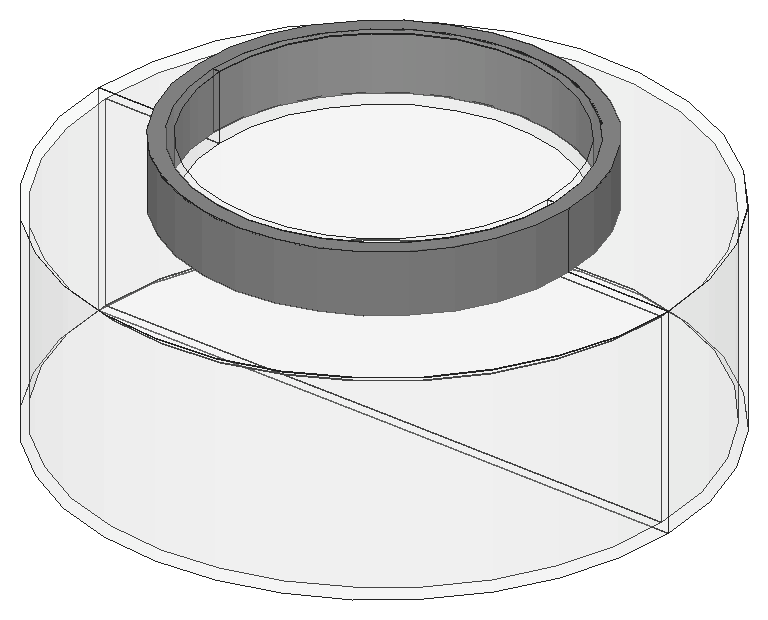
Revit family
Parameters
  Wattage = 12.1178 W
  built-in parameter 1150110 = 1 (stored number, unit not read)
  built-in parameter 1114217 = 1 (stored number, unit not read)
  built-in parameter 1150109 = 1 (stored number, unit not read)
  built-in parameter 1150134 = 3
  built-in parameter 1150113 = 1 (stored number, unit not read)
  Material Shade = Glass - White, High Luminance
  Material Fitting = Metal - Paint Finish - Dark Gray, Matte
  built-in parameter 1150105 = 143.24 (stored number, unit not read)
  Lumens = 1800 lm
  built-in parameter 1150115 = 1 (stored number, unit not read)
  Light Source Symbol Size = 609.60 mm
  built-in parameter 1150137 = (empty or 0)
  built-in parameter 1150139 = (empty or 0)
  built-in parameter 1150112 = 1 (stored number, unit not read)
  built-in parameter 1150114 = 1 (stored number, unit not read)
  Keynote = "V"
  built-in parameter 1150132 = 2
  built-in parameter 1150102 = (empty or 0)
  built-in parameter 1150107 = 3200 (stored number, unit not read)
  built-in parameter 1150138 = (empty or 0)
  built-in parameter 1150106 = 1.4324 (stored number, unit not read)
  built-in parameter 1150104 = 13.8 (stored number, unit not read)
  Dimming Lamp Color Temperature Shift = (empty or 0)
  Color Filter = 16777215
  built-in parameter 1114218 = 1 (stored number, unit not read)
  built-in parameter 1150133 = 10 (stored number, unit not read)
Reference planes
  plane 1 "Center (Front/Back)": y = 0
  plane 2 "Ceiling": z = 2438.4
  plane 3 "Center (Left/Right)": x = 0
  plane 4 "Light Source Elevation": z = 2387.6
  plane 5: x = -76.2
  plane 6: x = -127
  plane 7: z = 2324.1
  plane 8: z = 2413
Forms (mm)
  Revolve 1, solid, material "Glass - White, High Luminance" <- "Material Shade"
    sketch origin (0, 0, 0) x (0, 0, -1) y (1, 0, 0)
      loop
        line (-2438.4, -76.2) -> (-2413, -76.2) -> (-2413, -127) -> (-2324.1, -127) -> (-2324.1, 0) -> (-2327.275, 0) -> (-2327.275, -123.825) -> (-2409.825, -123.825) -> (-2409.825, -73.025) -> (-2438.4, -73.025) -> (-2438.4, -76.2)
      axis (-2438.4, 0) -> (-2324.1, 0)
    angle from 0 to 360
  Extrusion 2, solid, material "Metal - Paint Finish - Dark Gray, Matte" <- "Material Fitting"
    sketch origin (0, 0, 2438.4) x (1, 0, 0) y (0, 1, 0)
      loop
        circle (0, 0) r 82.55
      loop
        circle (0, 0) r 76.2
    from -25.4 to 0
Lines and regions (mm)
  sketch lines
    curve 1: line (-1524, 1524, 0) -> (1524, 1524, 0)
    curve 2: line (-1524, 1524, 0) -> (-1524, -1524, 0)
    curve 3: line (-1524, -1524, 0) -> (1524, -1524, 0)
    curve 4: line (1524, 1524, 0) -> (1524, -1524, 0)
  model lines
    curve 5: arc (-127, 0, 2438.4) -> (0, 127, 2438.4) -> (127, 0, 2438.4) r 127
    curve 6: arc (-73.025, 0, 2438.4) -> (0, 73.025, 2438.4) -> (73.025, 0, 2438.4) r 73.025
    curve 7: arc (127, 0, 2438.4) -> (0, -127, 2438.4) -> (-127, 0, 2438.4) r 127
    curve 8: arc (73.025, 0, 2438.4) -> (0, -73.025, 2438.4) -> (-73.025, 0, 2438.4) r 73.025
Dimensions and locks
  equal spacing: curve 2, plane 3 "Center (Left/Right)", curve 4
  equal spacing: curve 3, plane 1 "Center (Front/Back)", curve 1
  curve 2 to curve 4 = 3048.00 mm
  curve 3 to curve 1 = 3048.00 mm
  plane 2 "Ceiling" to plane 7 = 114.30 mm
  plane 6 to plane 3 "Center (Left/Right)" = 127.00 mm
  aligned and locked: curve 5 to Revolve 1
  aligned and locked: curve 6 to Revolve 1
  aligned and locked: Revolve 1 to Extrusion 2
  aligned and locked: plane 2 "Ceiling" to Extrusion 2
  aligned and locked: plane 3 "Center (Left/Right)" to imposter light
  aligned and locked: plane 1 "Center (Front/Back)" to imposter light
  aligned and locked: plane 4 "Light Source Elevation" to imposter light
Automatic sketch dimensions
  Revolve 1 sketch curve to plane 3 "Center (Left/Right)" = 0.00 mm  (x2)
  Revolve 1 sketch curve to plane 2 "Ceiling" = 0.00 mm
  Revolve 1 sketch curve to plane 5 = 0.00 mm
  Revolve 1 sketch curve to plane 8 = 0.00 mm
  Revolve 1 sketch curve to plane 7 = 0.00 mm
  Revolve 1 sketch curve to plane 6 = 0.00 mm
  plane 2 "Ceiling" to Revolve 1 sketch curve = 25.40 mm
  plane 8 to Revolve 1 sketch curve = 3.175 mm
  Revolve 1 sketch curve to plane 7 = 3.175 mm
  plane 7 to Revolve 1 sketch curve = 25.40 mm
  Revolve 1 sketch curve to plane 6 = 3.175 mm
  Revolve 1 sketch curve to plane 5 = 3.175 mm
  Extrusion 2 sketch curve to plane 1 "Center (Front/Back)" = 0.00 mm  (x2)
  Extrusion 2 sketch curve to plane 3 "Center (Left/Right)" = 0.00 mm  (x2)
  Extrusion 2 sketch curve to plane 3 "Center (Left/Right)" = 76.20 mm
  Extrusion 2 sketch curve to Extrusion 2 sketch curve = 6.35 mm
